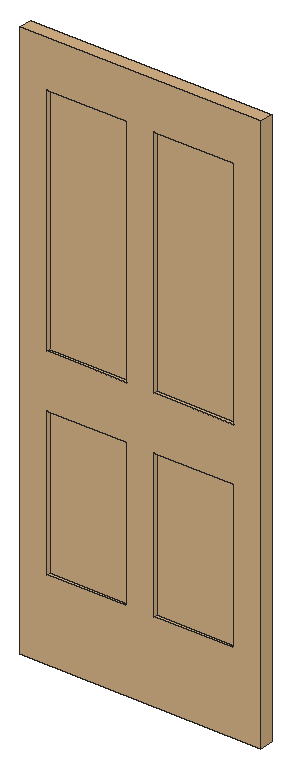
Revit family "0066_M_DR_W_single-panel 2_no trim", category 문, Revit 2026
Family settings
  호스트 = 벽
  항상 수직 = 예
  로드될 때 보이드를 사용하여 절단 = 아니오
  공유 = 아니오
  룸 계산 점 = 아니오
Parameters (values of type "36" x 84"")
  두께 = 0' - 2"
  조합 코드 = "C1020"
  기능 = 내부
  Door Material = Door - Panel
  Frame Material = Door - Frame
  Height = 7' - 0"
  Rail Width - Base = 1' - 0"
  Rail Width - Center = 0' - 8"
  Rail Width - Top = 0' - 7"
  Stile Width = 0' - 4"
  벽 마무리 = 호스트별
  Width = 3' - 0"
Types (8): name | 두께 | 조합 코드 | Height | Rail Width - Base | Rail Width - Center | Rail Width - Top | Stile Width | Width
  36" x 84" | 0' - 2" | "C1020" | 7' - 0" | 1' - 0" | 0' - 8" | 0' - 7" | 0' - 4" | 3' - 0"
  34" x 84" | 0' - 2" | "C1020" | 7' - 0" | 1' - 0" | 0' - 8" | 0' - 7" | 0' - 4" | 2' - 10"
  32" x 84" | 0' - 2" | "C1020" | 7' - 0" | 1' - 0" | 0' - 8" | 0' - 7" | 0' - 4" | 2' - 8"
  30" x 84" | 0' - 2" | "C1020" | 7' - 0" | 1' - 0" | 0' - 8" | 0' - 7" | 0' - 4" | 2' - 6"
  30" x 80" | 0' - 2" | "C1020" | 6' - 8" | 1' - 0" | 0' - 8" | 0' - 7" | 0' - 4" | 2' - 6"
  36" x 80" | 0' - 2" | "C1020" | 6' - 8" | 1' - 0" | 0' - 8" | 0' - 7" | 0' - 4" | 3' - 0"
  34" x 80" | 0' - 2" | "C1020" | 6' - 8" | 1' - 0" | 0' - 8" | 0' - 7" | 0' - 4" | 2' - 10"
  0915 x 2134mm | 0' - 1 31/32" | 0' - 0" | 7' - 0 1/64" | 1' - 0 1/128" | 0' - 8 9/128" | 0' - 6 57/64" | 0' - 3 15/16" | 3' - 0 3/128"
Reference planes (in)
  plane 1: y = 0
  plane 2: z = 0
  plane 3: x = 0
  plane 4: x = -18
  plane 5: x = 18
  plane 6: z = 84
  plane 7: x = -14
  plane 8: x = 14
  plane 9: z = 77
  plane 10: z = 34
  plane 11: z = 12
  plane 12: x = -2
  plane 13: x = 2
  plane 14: z = 42
  plane 15: y = 1
Forms (in)
  Extrusion 1, solid, material "Door - Panel" <- "Door Material"
    sketch origin (-0.00488, -8.625, 0.12795) x (1, 0, 0) y (0, 0, 1)
      loop
        line (-13.97351, 76.93485) -> (-13.97351, 41.9268) -> (-2, 41.9268) -> (-2, 76.93485) -> (-13.97351, 76.93485)
      loop
        line (2, 76.93485) -> (2, 41.9268) -> (14.02649, 41.9268) -> (14.02649, 76.93485) -> (2, 76.93485)
      loop
        line (-13.97351, 33.93485) -> (-13.97351, 11.93485) -> (-2, 11.93485) -> (-2, 33.93485) -> (-13.97351, 33.93485)
      loop
        line (2, 33.9268) -> (2, 11.93485) -> (14.02649, 11.93485) -> (14.02649, 33.9268) -> (2, 33.9268)
      loop
        line (-18, 83.9268) -> (-18, -0.0732) -> (18, -0.0732) -> (18, 83.9268) -> (-18, 83.9268)
    from -11.625 to -9.625
  Extrusion 2, solid, material "Door - Panel" <- "Door Material"
    sketch origin (-0.00488, 1, 0.12795) x (1, 0, 0) y (0, 0, 1)
      loop
        line (-13.97351, 76.93485) -> (-13.97351, 41.9268) -> (-2, 41.9268) -> (-2, 76.93485) -> (-13.97351, 76.93485)
      loop
        line (2, 76.93485) -> (2, 41.9268) -> (14.02649, 41.9268) -> (14.02649, 76.93485) -> (2, 76.93485)
      loop
        line (-13.97351, 33.93485) -> (-13.97351, 11.93485) -> (-2, 11.93485) -> (-2, 33.93485) -> (-13.97351, 33.93485)
      loop
        line (2, 33.9268) -> (2, 11.93485) -> (14.02649, 11.93485) -> (14.02649, 33.9268) -> (2, 33.9268)
    from -0.5 to -1.5
Lines and regions (in)
  Opening 1
    outline origin (-60, -3, 144) x (0, 0, -1) y (1, 0, 0)
      loop
        line (60, 41.99512) -> (144, 41.99512) -> (144, 77.99512) -> (60, 77.99512) -> (60, 41.99512)
  symbolic lines, style "Elevation Swing"
    curve 1: line (-18, 3, 84) -> (18, 3, 42)
    curve 2: line (18, 3, 42) -> (-18, 3, 0)
  symbolic lines, style "DoorsPanelProjection"
    curve 3: line (18, 3, 0) -> (16, 3, 0)
    curve 4: line (18, 39, 0) -> (18, 3, 0)
    curve 5: line (16, 39, 0) -> (18, 39, 0)
    curve 6: line (16, 3, 0) -> (16, 39, 0)
  symbolic lines, style "Plan Swing"
    curve 7: arc (16.57897, 39, 0) -> (-7.98686, 27.96254, 0) -> (-18.04732, 2.9807, 0) r 36.04732
Dimensions and locks (in)
  equal spacing: plane 4, plane 3, plane 5
  "Width": plane 4 to plane 5
  "Height": plane 6 to plane 2
  equal spacing: plane 6, curve 2, level
  "Stile Width": plane 4 to plane 7
  "Stile Width": plane 8 to plane 5
  "Rail Width - Top": plane 9 to plane 6
  "Rail Width - Base": host wall to plane 11
  "Rail Width - Center": plane 10 to plane 14
  "Width": curve 3 to curve 5
  "Stile Width": plane 13 to plane 12
  equal spacing: plane 13, plane 3, plane 12
  host wall to Extrusion 2 = 0' - 0 1/2"
  "두께": curve 6 to plane 5
  "두께": plane 15 to host wall
  aligned and locked: curve 1 to host wall
  aligned and locked: host wall to Extrusion 1
  aligned and locked: plane 15 to Extrusion 1
Automatic sketch dimensions
  level to Extrusion 1 sketch curve = 0' - 0.05475"
  Extrusion 1 sketch curve to plane 6 = 0' - 0.05475"
  Extrusion 1 sketch curve to plane 14 = 0' - 0.05475"  (x2)
  Extrusion 1 sketch curve to plane 10 = 0' - 0.05475"
  plane 4 to Extrusion 1 sketch curve = 0' - 0.00488"
  Extrusion 1 sketch curve to plane 7 = 0' - 0.02161"  (x2)
  Extrusion 1 sketch curve to plane 11 = 0' - 0.06281"  (x2)
  Extrusion 1 sketch curve to plane 12 = 0' - 0.00488"  (x2)
  Extrusion 1 sketch curve to plane 13 = 0' - 0.00488"  (x2)
  Extrusion 1 sketch curve to plane 8 = 0' - 0.02161"  (x2)
  plane 5 to Extrusion 1 sketch curve = 0' - 0.00488"
  Extrusion 1 sketch curve to plane 10 = 0' - 0.06281"
  Extrusion 1 sketch curve to plane 9 = 0' - 0.06281"  (x2)
  Opening 1 sketch curve to plane 6 = 0' - 0"
  Opening 1 sketch curve to level = 0' - 0"
  plane 4 to Opening 1 sketch curve = 0' - 0.00488"
  plane 5 to Opening 1 sketch curve = 0' - 0.00488"
  curve 1 to plane 4 = 0' - 0"
  curve 1 to plane 6 = 0' - 0"
  curve 2 to level = 0' - 0"
  curve 2 to plane 4 = 0' - 0"
  curve 1 to plane 5 = 0' - 0"
  Extrusion 2 sketch curve to plane 7 = 0' - 0.02161"  (x2)
  Extrusion 2 sketch curve to plane 12 = 0' - 0.00488"  (x2)
  Extrusion 2 sketch curve to plane 13 = 0' - 0.00488"  (x2)
  Extrusion 2 sketch curve to plane 8 = 0' - 0.02161"  (x2)
  Extrusion 2 sketch curve to plane 11 = 0' - 0.06281"  (x2)
  Extrusion 2 sketch curve to plane 10 = 0' - 0.05475"
  Extrusion 2 sketch curve to plane 10 = 0' - 0.06281"
  Extrusion 2 sketch curve to plane 14 = 0' - 0.05475"  (x2)
  Extrusion 2 sketch curve to plane 9 = 0' - 0.06281"  (x2)
  curve 4 to plane 5 = 0' - 0"
  curve 7 to plane 5 = 0' - 0"
  plane 4 to curve 7 = 0' - 0.04732"
  curve 7 to plane 8 = 0' - 2.57897"
  curve 7 to plane 1 = 0' - 2.9807"
